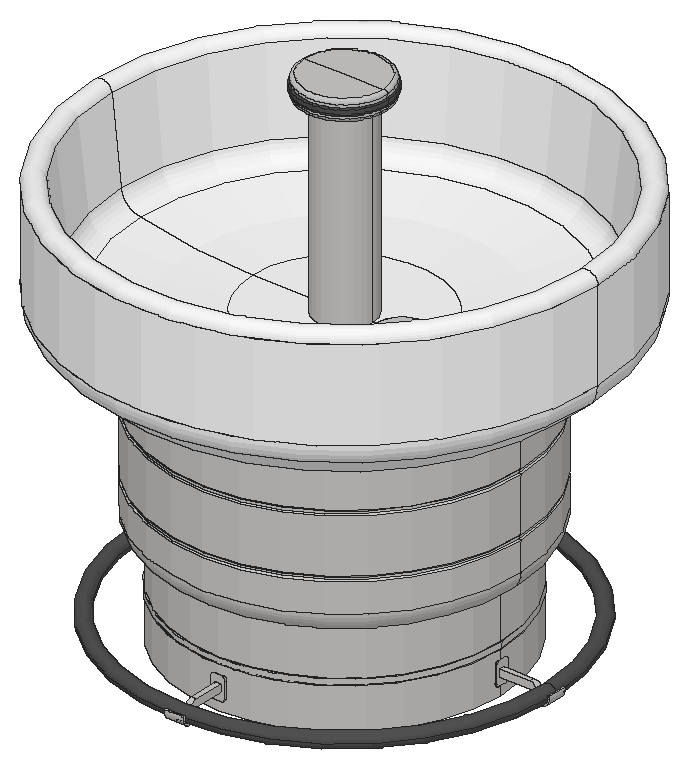
Revit family "Washfountain_Lavatory-Bradley_Corp-WF2605-Type_O_Drain", category Plumbing Fixtures, Revit 2012 (continued)
Automatic sketch dimensions
  Masking region 28 sketch curve to plane 3 "Center (Left/Right)" = 3.52868"
  Masking region 28 sketch curve to plane 3 "Center (Left/Right)" = 5.500"
  Masking region 28 sketch curve to Masking region 28 sketch curve = 0.11186"  (x2)
  Masking region 28 sketch curve to Masking region 28 sketch curve = 4.000"
  curve 169 to plane 1 "Center (Front/Back)" = 2.26314"
  plane 3 "Center (Left/Right)" to curve 169 = 7.08013"
  curve 169 to curve 166 = 1.51554"
  curve 166 to curve 165 = 0.06458"
  curve 167 to curve 165 = 0.000"
  plane 3 "Center (Left/Right)" to curve 169 = 1.58013"
  plane 3 "Center (Left/Right)" to curve 166 = 0.06458"
  curve 164 to plane 3 "Center (Left/Right)" = 0.06458"
  curve 168 to plane 3 "Center (Left/Right)" = 1.58013"
  curve 167 to plane 3 "Center (Left/Right)" = 5.500"
  curve 165 to curve 167 = 0.000"
  curve 165 to curve 164 = 0.06458"
  curve 168 to plane 1 "Center (Front/Back)" = 2.26314"
  curve 164 to curve 168 = 1.51554"
  curve 164 to curve 168 = 0.875"  (x2)
  curve 166 to curve 169 = 0.875"  (x2)
  curve 165 to curve 164 = 0.11186"
  curve 167 to curve 165 = 1.750"
  plane 1 "Center (Front/Back)" to curve 166 = 6.38814"
  curve 164 to curve 166 = 0.000"
  Masking region 29 sketch curve to plane 1 "Center (Front/Back)" = 0.000"
  Masking region 29 sketch curve to plane 3 "Center (Left/Right)" = 0.000"
  curve 170 to plane 1 "Center (Front/Back)" = 0.000"
  curve 170 to plane 3 "Center (Left/Right)" = 0.000"
  Masking region 30 sketch curve to plane 1 "Center (Front/Back)" = 0.000"
  Masking region 30 sketch curve to plane 3 "Center (Left/Right)" = 0.000"
  Masking region 31 sketch curve to plane 1 "Center (Front/Back)" = 0.000"
  Masking region 31 sketch curve to plane 3 "Center (Left/Right)" = 0.000"
  Masking region 32 sketch curve to curve 14 = 0.000"
  curve 14 to Masking region 32 sketch curve = 6.47131"
  Masking region 32 sketch curve to Masking region 32 sketch curve = 1.40286"  (x2)
  Masking region 32 sketch curve to Masking region 32 sketch curve = 22.25166"
  Masking region 32 sketch curve to curve 14 = 9.60015"
  curve 14 to Masking region 32 sketch curve = 9.60015"
  Masking region 32 sketch curve to Masking region 32 sketch curve = 5.39985"
  Revolve 17 sketch curve to curve 14 = 0.000"
  Revolve 17 sketch curve to Revolve 17 sketch curve = 0.000"
  curve 14 to Revolve 17 sketch curve = 7.87417"
  Revolve 17 sketch curve to Revolve 17 sketch curve = 1.40286"
  Revolve 17 sketch curve to curve 14 = 12.22916"
  Revolve 17 sketch curve to Revolve 17 sketch curve = 6.77084"
  Revolve 17 sketch curve to Revolve 17 sketch curve = 3.52552"
  Revolve 17 sketch curve to Revolve 17 sketch curve = 2.47448"
  Masking region 33 sketch curve to curve 14 = 0.000"
  curve 14 to Masking region 33 sketch curve = 6.47131"
  Masking region 33 sketch curve to Masking region 33 sketch curve = 1.40286"  (x2)
  Masking region 33 sketch curve to Masking region 33 sketch curve = 22.25166"
  Masking region 33 sketch curve to curve 14 = 12.22916"
  Masking region 33 sketch curve to Masking region 33 sketch curve = 6.77084"
  Extrusion 18 sketch curve to plane 1 "Center (Front/Back)" = 0.000"
  Extrusion 18 sketch curve to plane 3 "Center (Left/Right)" = 0.000"
  plane 3 "Center (Left/Right)" to Extrusion 18 sketch curve = 0.06458"
  plane 3 "Center (Left/Right)" to Extrusion 18 sketch curve = 5.500"
  Extrusion 18 sketch curve to Extrusion 18 sketch curve = 0.06458"  (x2)
  Extrusion 18 sketch curve to plane 3 "Center (Left/Right)" = 0.06458"
  Extrusion 18 sketch curve to plane 3 "Center (Left/Right)" = 5.500"
  Extrusion 18 sketch curve to plane 1 "Center (Front/Back)" = 3.13814"  (x2)
  Extrusion 18 sketch curve to Extrusion 18 sketch curve = 0.11186"
  plane 1 "Center (Front/Back)" to Extrusion 18 sketch curve = 6.38814"
  Extrusion 19 sketch curve to Extrusion 19 sketch curve = 0.000"  (x2)
  Extrusion 19 sketch curve to plane 1 "Center (Front/Back)" = 0.000"
  Extrusion 19 sketch curve to plane 3 "Center (Left/Right)" = 0.000"
  plane 3 "Center (Left/Right)" to Extrusion 19 sketch curve = 0.06458"
  Extrusion 19 sketch curve to Extrusion 19 sketch curve = 2.000"
  Extrusion 19 sketch curve to Extrusion 19 sketch curve = 3.500"  (x2)
  Extrusion 19 sketch curve to Extrusion 19 sketch curve = 0.06458"  (x2)
  Extrusion 19 sketch curve to plane 3 "Center (Left/Right)" = 0.06458"
  Extrusion 19 sketch curve to plane 1 "Center (Front/Back)" = 3.13814"  (x2)
  Extrusion 19 sketch curve to Extrusion 19 sketch curve = 0.11186"
  plane 1 "Center (Front/Back)" to Extrusion 19 sketch curve = 6.38814"
  Sweep 20 sketch curve to profile plane = 0.000"
  profile plane to Sweep 20 sketch curve = 1.425"
  Extrusion 21 sketch curve to Extrusion 21 sketch curve = 0.000"  (x5)
  level to Extrusion 21 sketch curve = 1.57982"
  plane 11 to Extrusion 21 sketch curve = 2.90732"
  Extrusion 21 sketch curve to Extrusion 21 sketch curve = 0.04831"
  Extrusion 21 sketch curve to Extrusion 21 sketch curve = 0.48307"
  Extrusion 21 sketch curve to Extrusion 21 sketch curve = 0.48846"
  Extrusion 21 sketch curve to Extrusion 21 sketch curve = 0.04885"
  Extrusion 21 sketch curve to Extrusion 21 sketch curve = 0.0129"
  Extrusion 22 sketch curve to Extrusion 22 sketch curve = 0.000"  (x3)
  level to Extrusion 22 sketch curve = 0.825"
  plane 11 to Extrusion 22 sketch curve = 3.487"
  Extrusion 22 sketch curve to Extrusion 22 sketch curve = 0.19771"
  Extrusion 22 sketch curve to Extrusion 22 sketch curve = 0.600"
  Extrusion 22 sketch curve to Extrusion 22 sketch curve = 0.45214"
  Extrusion 22 sketch curve to Extrusion 22 sketch curve = 0.14125"
  Extrusion 22 sketch curve to Extrusion 22 sketch curve = 2.19378"
  Extrusion 22 sketch curve to Extrusion 22 sketch curve = 0.34334"
  plane 1 "Center (Front/Back)" to Extrusion 23 sketch curve = 0.49684"
  plane 1 "Center (Front/Back)" to Extrusion 23 sketch curve = 0.24684"  (x2)
  plane 1 "Center (Front/Back)" to Extrusion 23 sketch curve = 0.2403"
  Extrusion 23 sketch curve to plane 1 "Center (Front/Back)" = 0.2403"
  Extrusion 23 sketch curve to plane 1 "Center (Front/Back)" = 0.25316"  (x2)
  Extrusion 23 sketch curve to Extrusion 23 sketch curve = 0.250"
  level to Extrusion 23 sketch curve = 0.71062"
  Extrusion 23 sketch curve to Extrusion 23 sketch curve = 0.2684"  (x2)
  Extrusion 23 sketch curve to Extrusion 23 sketch curve = 0.5882"
  Extrusion 24 sketch curve to Extrusion 24 sketch curve = 0.000"  (x5)
  level to Extrusion 24 sketch curve = 1.57982"
  Extrusion 24 sketch curve to plane 14 = 2.90732"
  Extrusion 24 sketch curve to Extrusion 24 sketch curve = 0.04831"
  Extrusion 24 sketch curve to Extrusion 24 sketch curve = 0.48307"
  Extrusion 24 sketch curve to Extrusion 24 sketch curve = 0.48846"
  Extrusion 24 sketch curve to Extrusion 24 sketch curve = 0.04885"
  Extrusion 24 sketch curve to Extrusion 24 sketch curve = 0.0129"
  Extrusion 25 sketch curve to Extrusion 25 sketch curve = 0.000"  (x3)
  level to Extrusion 25 sketch curve = 0.825"
  Extrusion 25 sketch curve to plane 14 = 3.487"
  Extrusion 25 sketch curve to Extrusion 25 sketch curve = 0.19771"
  Extrusion 25 sketch curve to Extrusion 25 sketch curve = 0.600"
  Extrusion 25 sketch curve to Extrusion 25 sketch curve = 0.45214"
  Extrusion 25 sketch curve to Extrusion 25 sketch curve = 0.14125"
  Extrusion 25 sketch curve to Extrusion 25 sketch curve = 2.19378"
  Extrusion 25 sketch curve to Extrusion 25 sketch curve = 0.34334"
  plane 3 "Center (Left/Right)" to Extrusion 26 sketch curve = 0.50316"
  plane 3 "Center (Left/Right)" to Extrusion 26 sketch curve = 0.25316"  (x2)
  plane 3 "Center (Left/Right)" to Extrusion 26 sketch curve = 0.2403"
  Extrusion 26 sketch curve to plane 3 "Center (Left/Right)" = 0.2403"
  Extrusion 26 sketch curve to plane 3 "Center (Left/Right)" = 0.24684"  (x2)
  Extrusion 26 sketch curve to Extrusion 26 sketch curve = 0.250"
  level to Extrusion 26 sketch curve = 0.71062"
  Extrusion 26 sketch curve to Extrusion 26 sketch curve = 0.2684"  (x2)
  Extrusion 26 sketch curve to Extrusion 26 sketch curve = 0.5882"
  Extrusion 27 sketch curve to Extrusion 27 sketch curve = 0.000"  (x5)
  level to Extrusion 27 sketch curve = 1.57982"
  Extrusion 27 sketch curve to plane 12 = 2.90732"
  Extrusion 27 sketch curve to Extrusion 27 sketch curve = 0.04831"
  Extrusion 27 sketch curve to Extrusion 27 sketch curve = 0.48307"
  Extrusion 27 sketch curve to Extrusion 27 sketch curve = 0.48846"
  Extrusion 27 sketch curve to Extrusion 27 sketch curve = 0.04885"
  Extrusion 27 sketch curve to Extrusion 27 sketch curve = 0.0129"
  Extrusion 28 sketch curve to Extrusion 28 sketch curve = 0.000"  (x3)
  level to Extrusion 28 sketch curve = 0.825"
  Extrusion 28 sketch curve to plane 12 = 3.487"
  Extrusion 28 sketch curve to Extrusion 28 sketch curve = 0.19771"
  Extrusion 28 sketch curve to Extrusion 28 sketch curve = 0.600"
  Extrusion 28 sketch curve to Extrusion 28 sketch curve = 0.45214"
  Extrusion 28 sketch curve to Extrusion 28 sketch curve = 0.14125"
  Extrusion 28 sketch curve to Extrusion 28 sketch curve = 2.19378"
  Extrusion 28 sketch curve to Extrusion 28 sketch curve = 0.34334"
  plane 1 "Center (Front/Back)" to Extrusion 29 sketch curve = 0.50316"
  plane 1 "Center (Front/Back)" to Extrusion 29 sketch curve = 0.25316"  (x2)
  plane 1 "Center (Front/Back)" to Extrusion 29 sketch curve = 0.2403"
  Extrusion 29 sketch curve to plane 1 "Center (Front/Back)" = 0.2403"
  Extrusion 29 sketch curve to plane 1 "Center (Front/Back)" = 0.24684"  (x2)
  Extrusion 29 sketch curve to Extrusion 29 sketch curve = 0.250"
  level to Extrusion 29 sketch curve = 0.71062"
  Extrusion 29 sketch curve to Extrusion 29 sketch curve = 0.2684"  (x2)
  Extrusion 29 sketch curve to Extrusion 29 sketch curve = 0.5882"
  Extrusion 30 sketch curve to Extrusion 30 sketch curve = 0.000"  (x5)
  level to Extrusion 30 sketch curve = 1.57982"
  plane 13 to Extrusion 30 sketch curve = 2.90732"
  Extrusion 30 sketch curve to Extrusion 30 sketch curve = 0.04831"
  Extrusion 30 sketch curve to Extrusion 30 sketch curve = 0.48307"
  Extrusion 30 sketch curve to Extrusion 30 sketch curve = 0.48846"
  Extrusion 30 sketch curve to Extrusion 30 sketch curve = 0.04885"
  Extrusion 30 sketch curve to Extrusion 30 sketch curve = 0.0129"
  Extrusion 31 sketch curve to Extrusion 31 sketch curve = 0.000"  (x3)
  level to Extrusion 31 sketch curve = 0.825"
  plane 13 to Extrusion 31 sketch curve = 3.487"
  Extrusion 31 sketch curve to Extrusion 31 sketch curve = 0.19771"
  Extrusion 31 sketch curve to Extrusion 31 sketch curve = 0.600"
  Extrusion 31 sketch curve to Extrusion 31 sketch curve = 0.45214"
  Extrusion 31 sketch curve to Extrusion 31 sketch curve = 0.14125"
  Extrusion 31 sketch curve to Extrusion 31 sketch curve = 2.19378"
  Extrusion 31 sketch curve to Extrusion 31 sketch curve = 0.34334"
  Extrusion 32 sketch curve to plane 3 "Center (Left/Right)" = 0.50316"
  Extrusion 32 sketch curve to plane 3 "Center (Left/Right)" = 0.25316"  (x2)
  Extrusion 32 sketch curve to plane 3 "Center (Left/Right)" = 0.2403"
  plane 3 "Center (Left/Right)" to Extrusion 32 sketch curve = 0.2403"
  plane 3 "Center (Left/Right)" to Extrusion 32 sketch curve = 0.24684"  (x2)
  Extrusion 32 sketch curve to Extrusion 32 sketch curve = 0.250"
  level to Extrusion 32 sketch curve = 0.71062"
  Extrusion 32 sketch curve to Extrusion 32 sketch curve = 0.2684"  (x2)
  Extrusion 32 sketch curve to Extrusion 32 sketch curve = 0.5882"
  Masking region 34 sketch curve to Masking region 34 sketch curve = 0.000"  (x8)
  level to Masking region 34 sketch curve = 1.57982"
  plane 11 to Masking region 34 sketch curve = 2.90732"
  Masking region 34 sketch curve to Masking region 34 sketch curve = 0.04831"  (x2)
  Masking region 34 sketch curve to Masking region 34 sketch curve = 0.48307"  (x2)
  Masking region 34 sketch curve to Masking region 34 sketch curve = 0.19771"  (x2)
  Masking region 34 sketch curve to Masking region 34 sketch curve = 0.69778"
  Masking region 34 sketch curve to plane 3 "Center (Left/Right)" = 0.67078"
  Masking region 34 sketch curve to plane 3 "Center (Left/Right)" = 0.50316"
  Masking region 34 sketch curve to Masking region 34 sketch curve = 0.2076"  (x2)
  Masking region 34 sketch curve to plane 3 "Center (Left/Right)" = 0.25316"
  Masking region 34 sketch curve to Masking region 34 sketch curve = 0.21002"  (x2)
  plane 3 "Center (Left/Right)" to Masking region 34 sketch curve = 0.25316"  (x2)
  Masking region 34 sketch curve to Masking region 34 sketch curve = 0.250"
  level to Masking region 34 sketch curve = 0.925"
  Masking region 34 sketch curve to plane 12 = 4.18478"
  Masking region 34 sketch curve to Masking region 34 sketch curve = 0.50007"
  level to Masking region 34 sketch curve = 0.825"  (x2)
  Masking region 34 sketch curve to Masking region 34 sketch curve = 0.100"  (x3)
  Masking region 34 sketch curve to Masking region 34 sketch curve = 0.11438"
  Masking region 34 sketch curve to Masking region 34 sketch curve = 0.5049"
  Masking region 34 sketch curve to Masking region 34 sketch curve = 0.16062"
  plane 1 "Center (Front/Back)" to Extrusion 33 sketch curve = 0.50316"
  plane 1 "Center (Front/Back)" to Extrusion 33 sketch curve = 0.25316"  (x2)
  plane 1 "Center (Front/Back)" to Extrusion 33 sketch curve = 0.2403"
  Extrusion 33 sketch curve to plane 1 "Center (Front/Back)" = 0.2403"
  Extrusion 33 sketch curve to plane 1 "Center (Front/Back)" = 0.24684"  (x2)
  Extrusion 33 sketch curve to Extrusion 33 sketch curve = 0.250"
  level to Extrusion 33 sketch curve = 0.71062"
  Extrusion 33 sketch curve to Extrusion 33 sketch curve = 0.2684"  (x2)
  Extrusion 33 sketch curve to Extrusion 33 sketch curve = 0.5882"
  level to Masking region 35 sketch curve = 1.925"
  plane 11 to Masking region 35 sketch curve = 3.487"
  Masking region 35 sketch curve to plane 12 = 3.487"
  Masking region 35 sketch curve to Masking region 35 sketch curve = 0.500"
  Masking region 36 sketch curve to Masking region 36 sketch curve = 0.000"  (x8)
  level to Masking region 36 sketch curve = 1.57982"
  plane 13 to Masking region 36 sketch curve = 2.90732"
  Masking region 36 sketch curve to Masking region 36 sketch curve = 0.04831"  (x2)
  Masking region 36 sketch curve to Masking region 36 sketch curve = 0.48307"  (x2)
  Masking region 36 sketch curve to Masking region 36 sketch curve = 0.19771"  (x2)
  Masking region 36 sketch curve to Masking region 36 sketch curve = 0.69778"
  plane 1 "Center (Front/Back)" to Masking region 36 sketch curve = 0.67078"
  plane 1 "Center (Front/Back)" to Masking region 36 sketch curve = 0.50316"
  Masking region 36 sketch curve to Masking region 36 sketch curve = 0.2076"  (x2)
  Masking region 36 sketch curve to Masking region 36 sketch curve = 0.21002"  (x2)
  Masking region 36 sketch curve to Masking region 36 sketch curve = 0.250"  (x2)
  Masking region 36 sketch curve to plane 1 "Center (Front/Back)" = 0.25316"  (x2)
  level to Masking region 36 sketch curve = 0.925"  (x2)
  Masking region 36 sketch curve to plane 14 = 4.18478"
  Masking region 36 sketch curve to Masking region 36 sketch curve = 0.50007"
  Masking region 36 sketch curve to Masking region 36 sketch curve = 0.100"  (x4)
  Masking region 36 sketch curve to Masking region 36 sketch curve = 0.11438"
  Masking region 36 sketch curve to Masking region 36 sketch curve = 0.5049"
  Masking region 36 sketch curve to Masking region 36 sketch curve = 0.16062"
  plane 13 to Masking region 37 sketch curve = 3.487"
  level to Masking region 37 sketch curve = 1.925"
  Masking region 37 sketch curve to plane 14 = 3.487"
  Masking region 37 sketch curve to Masking region 37 sketch curve = 0.500"
  curve 52 to curve 45 = 0.000"
  curve 48 to curve 45 = 0.000"
  curve 49 to curve 52 = 0.000"
  curve 49 to curve 50 = 0.08719"  (x2)
  curve 48 to curve 55 = 0.08719"
  curve 51 to curve 50 = 0.000"
  curve 47 to curve 55 = 0.000"
  curve 46 to curve 55 = 0.000"
  curve 54 to curve 50 = 0.000"  (x2)
  curve 53 to curve 51 = 1.31567"
  curve 50 to curve 51 = 0.000"
  curve 46 to curve 50 = 0.000"
  curve 47 to curve 46 = 0.000"
  curve 55 to curve 47 = 0.000"
  curve 50 to curve 49 = 0.08719"
  curve 46 to curve 45 = 0.08719"
  curve 47 to curve 48 = 0.08719"  (x2)
  curve 51 to curve 52 = 0.08719"  (x2)
  curve 45 to curve 46 = 0.08719"
  curve 46 to curve 55 = 0.06165"
  curve 55 to curve 47 = 0.06165"
  curve 48 to curve 49 = 3.00695"
  curve 50 to curve 54 = 0.06165"
  curve 54 to curve 51 = 0.06165"
  curve 52 to curve 53 = 2.79334"
  curve 14 to Revolve 1 sketch curve = 0.00013"
  Revolve 1 sketch curve to Revolve 1 sketch curve = 0.000"  (x2)
  curve 14 to Revolve 1 sketch curve = 7.87417"
  Revolve 1 sketch curve to Revolve 1 sketch curve = 0.03572"
  Revolve 1 sketch curve to Revolve 1 sketch curve = 1.31567"  (x2)
  Revolve 1 sketch curve to Revolve 1 sketch curve = 0.08719"  (x6)
  Revolve 1 sketch curve to Revolve 1 sketch curve = 1.40286"
  curve 14 to Revolve 1 sketch curve = 3.20448"
  Revolve 1 sketch curve to Revolve 1 sketch curve = 0.12331"  (x2)
  Revolve 1 sketch curve to Revolve 1 sketch curve = 3.00695"
  Revolve 1 sketch curve to Revolve 1 sketch curve = 1.39048"
  Revolve 1 sketch curve to Revolve 1 sketch curve = 1.94685"
  Revolve 1 sketch curve to Revolve 1 sketch curve = 0.04651"
  Revolve 1 sketch curve to Revolve 1 sketch curve = 0.40685"
  Revolve 1 sketch curve to Revolve 1 sketch curve = 0.04664"
  Revolve 1 sketch curve to Revolve 1 sketch curve = 2.953"
  Revolve 1 sketch curve to Revolve 1 sketch curve = 3.047"
  Revolve 1 sketch curve to curve 14 = 7.453"
  curve 11 to curve 12 = 1.40286"
  curve 12 to curve 13 = 0.000"
  Extrusion 7 sketch curve to plane 4 "Towel Dispenser" = 0.000"
  Extrusion 7 sketch curve to Extrusion 7 sketch curve = 2.250"
  Extrusion 7 sketch curve to Extrusion 7 sketch curve = 1.750"
  Extrusion 8 sketch curve to plane 4 "Towel Dispenser" = 0.000"
  Extrusion 8 sketch curve to Extrusion 8 sketch curve = 2.250"
  Extrusion 8 sketch curve to Extrusion 8 sketch curve = 1.750"
  Extrusion 9 sketch curve to plane 4 "Towel Dispenser" = 0.000"
  Extrusion 9 sketch curve to Extrusion 9 sketch curve = 2.250"
  Extrusion 9 sketch curve to Extrusion 9 sketch curve = 1.750"
  Masking region 13 sketch curve to curve 68 = 0.00086"
  Masking region 13 sketch curve to curve 68 = 6.20573"
  Masking region 13 sketch curve to curve 68 = 5.80997"
  curve 68 to Masking region 13 sketch curve = 0.80997"
  curve 68 to Masking region 13 sketch curve = 1.20573"
  curve 68 to Masking region 14 sketch curve = 0.37529"  (x2)
  Masking region 14 sketch curve to curve 68 = 6.13969"
  Masking region 14 sketch curve to Masking region 14 sketch curve = 0.12563"  (x2)
  Masking region 14 sketch curve to Masking region 14 sketch curve = 0.03107"  (x2)
  Masking region 14 sketch curve to Masking region 14 sketch curve = 0.05262"  (x4)
  Masking region 14 sketch curve to Masking region 14 sketch curve = 0.06777"  (x2)
  Masking region 14 sketch curve to curve 68 = 0.00086"
  Masking region 14 sketch curve to Masking region 14 sketch curve = 1.99988"
  Masking region 14 sketch curve to Masking region 14 sketch curve = 2.04174"
  Masking region 14 sketch curve to curve 68 = 1.23176"
  Masking region 14 sketch curve to curve 68 = 0.86019"
  curve 68 to Masking region 14 sketch curve = 0.80997"
  Masking region 14 sketch curve to Masking region 14 sketch curve = 0.60765"  (x2)
  Masking region 14 sketch curve to Masking region 14 sketch curve = 1.250"  (x3)
  Masking region 14 sketch curve to curve 68 = 4.14235"
  Masking region 14 sketch curve to curve 68 = 2.89235"
  Masking region 14 sketch curve to curve 68 = 1.64235"
  Masking region 14 sketch curve to Masking region 14 sketch curve = 0.62518"  (x2)
  Masking region 15 sketch curve to plane 7 "Rim Height" = 0.000"
  Masking region 15 sketch curve to plane 6 "Spray Head" = 0.44548"  (x2)
  Masking region 15 sketch curve to plane 3 "Center (Left/Right)" = 3.12875"
  Masking region 15 sketch curve to Masking region 15 sketch curve = 0.34375"  (x3)
  Masking region 15 sketch curve to plane 6 "Spray Head" = 0.00048"  (x2)
  Masking region 15 sketch curve to Masking region 15 sketch curve = 0.785"  (x3)
  plane 3 "Center (Left/Right)" to Masking region 15 sketch curve = 2.000"
  Masking region 15 sketch curve to plane 6 "Spray Head" = 1.39048"
  Masking region 15 sketch curve to Masking region 15 sketch curve = 0.945"
  Masking region 15 sketch curve to Masking region 15 sketch curve = 0.445"
  Masking region 15 sketch curve to Masking region 15 sketch curve = 0.500"
  curve 83 to Masking region 16 sketch curve = 0.94548"
  Masking region 16 sketch curve to curve 83 = 3.12875"
  Masking region 16 sketch curve to Masking region 16 sketch curve = 0.34375"  (x3)
  curve 83 to Masking region 16 sketch curve = 0.00048"
  Masking region 16 sketch curve to Masking region 16 sketch curve = 0.785"  (x2)
  curve 83 to Masking region 16 sketch curve = 2.000"
  Masking region 16 sketch curve to curve 83 = 1.215"
  Masking region 16 sketch curve to curve 83 = 0.94548"
  Masking region 16 sketch curve to Masking region 16 sketch curve = 0.445"  (x2)
  Masking region 16 sketch curve to curve 83 = 6.375"
  curve 83 to Masking region 16 sketch curve = 0.44548"  (x2)
  curve 83 to Masking region 17 sketch curve = 0.85173"
  Masking region 17 sketch curve to curve 83 = 3.12875"
  curve 83 to Masking region 17 sketch curve = 0.25048"
  Masking region 17 sketch curve to Masking region 17 sketch curve = 0.09375"  (x3)
  curve 83 to Masking region 17 sketch curve = 0.00048"
  Masking region 17 sketch curve to Masking region 17 sketch curve = 0.250"  (x3)
  Masking region 17 sketch curve to Masking region 17 sketch curve = 0.785"  (x2)
  curve 83 to Masking region 17 sketch curve = 2.000"
  Masking region 17 sketch curve to Masking region 17 sketch curve = 0.000"
  Masking region 17 sketch curve to Masking region 17 sketch curve = 0.695"
  Masking region 17 sketch curve to Masking region 17 sketch curve = 0.195"  (x2)
  Masking region 17 sketch curve to curve 83 = 6.375"
  Masking region 17 sketch curve to Masking region 17 sketch curve = 0.28875"  (x2)
  curve 83 to curve 89 = 0.94548"
  curve 89 to curve 83 = 3.12875"
  curve 84 to curve 89 = 0.000"
  curve 89 to curve 88 = 0.09375"
  curve 84 to curve 85 = 0.09375"
  curve 88 to curve 90 = 1.035"
  curve 83 to curve 90 = 2.000"
  curve 87 to curve 83 = 0.965"
  curve 85 to curve 87 = 0.000"
  curve 85 to curve 86 = 0.09375"
  curve 87 to curve 87 = 0.09375"
  curve 90 to curve 87 = 0.445"
  curve 83 to curve 86 = 0.44548"
  curve 110 to Extrusion 9 = 0.000"  (x3)
  Extrusion 9 to curve 111 = 2.60156"
  curve 111 to curve 111 = 1.000"
  Extrusion 9 to curve 111 = 1.95703"
  curve 112 to Extrusion 7 = 0.000"  (x3)
  Extrusion 7 to curve 113 = 2.60156"
  curve 113 to curve 113 = 1.000"
  Extrusion 7 to curve 113 = 1.95703"
  curve 114 to Extrusion 8 = 0.000"  (x3)
  Extrusion 8 to curve 115 = 2.60156"
  curve 115 to curve 115 = 1.000"
  Extrusion 8 to curve 115 = 1.95703"
  Split face 1 sketch curve to Extrusion 8 = 0.56844"
  Split face 1 sketch curve to Split face 1 sketch curve = 0.750"
  Split face 1 sketch curve to Extrusion 8 = 1.500"  (x2)
  Split face 2 sketch curve to Extrusion 9 = 0.56844"
  Split face 2 sketch curve to Split face 2 sketch curve = 0.750"
  Split face 2 sketch curve to Extrusion 9 = 1.500"  (x2)
  Split face 3 sketch curve to Extrusion 7 = 0.56844"
  Split face 3 sketch curve to Split face 3 sketch curve = 0.750"
  Split face 3 sketch curve to Extrusion 7 = 1.500"  (x2)
  Revolve 14 sketch curve to curve 157 = 0.000"
  Revolve 14 sketch curve to curve 157 = 0.500"
  Revolve 14 sketch curve to curve 157 = 0.60282"
  Revolve 14 sketch curve to Revolve 14 sketch curve = 1.64632"
  Revolve 14 sketch curve to Revolve 14 sketch curve = 0.17678"
  Revolve 14 sketch curve to Revolve 14 sketch curve = 0.000"  (x4)
  Revolve 14 sketch curve to Revolve 14 sketch curve = 0.60355"
  Revolve 14 sketch curve to Revolve 14 sketch curve = 0.176"
  curve 157 to Revolve 14 sketch curve = 0.34072"
  Revolve 14 sketch curve to Revolve 14 sketch curve = 0.1905"
  Revolve 14 sketch curve to Revolve 14 sketch curve = 0.01575"
  Revolve 14 sketch curve to Revolve 14 sketch curve = 0.074"
  Revolve 14 sketch curve to Revolve 14 sketch curve = 0.0755"
  Revolve 14 sketch curve to curve 157 = 1.28252"
  Revolve 14 sketch curve to Revolve 14 sketch curve = 1.13852"
  Revolve 14 sketch curve to curve 157 = 39.99275"
  Revolve 14 sketch curve to Revolve 14 sketch curve = 0.07322"
  Revolve 14 sketch curve to Revolve 14 sketch curve = 0.60277"
  Revolve 14 sketch curve to Revolve 14 sketch curve = 0.22469"
  Revolve 14 sketch curve to Revolve 14 sketch curve = 1.36148"
  Masking region 21 sketch curve to curve 157 = 0.000"
  curve 157 to Masking region 21 sketch curve = 0.56541"
  Masking region 21 sketch curve to curve 157 = 3.07537"
  Masking region 21 sketch curve to Masking region 21 sketch curve = 0.0755"
  Masking region 21 sketch curve to Masking region 21 sketch curve = 0.11925"
  Masking region 21 sketch curve to Masking region 21 sketch curve = 0.000"  (x7)
  Masking region 21 sketch curve to Masking region 21 sketch curve = 0.01575"  (x2)
  Masking region 21 sketch curve to Masking region 21 sketch curve = 0.074"
  Masking region 21 sketch curve to Masking region 21 sketch curve = 0.250"
  Masking region 21 sketch curve to Masking region 21 sketch curve = 0.60277"  (x3)
  Masking region 21 sketch curve to Masking region 21 sketch curve = 0.17678"  (x2)
  Masking region 21 sketch curve to curve 157 = 0.60282"
  Masking region 21 sketch curve to curve 157 = 0.500"
  curve 157 to Masking region 21 sketch curve = 1.28252"
  Masking region 21 sketch curve to Masking region 21 sketch curve = 0.43497"
  curve 157 to Masking region 21 sketch curve = 0.500"
  curve 157 to Masking region 21 sketch curve = 0.60282"
  Masking region 21 sketch curve to Masking region 21 sketch curve = 1.64632"
  Masking region 21 sketch curve to Masking region 21 sketch curve = 0.60355"
  Masking region 21 sketch curve to Masking region 21 sketch curve = 0.176"
  curve 157 to Masking region 21 sketch curve = 0.34072"
  Masking region 21 sketch curve to Masking region 21 sketch curve = 0.1905"
  Masking region 21 sketch curve to Masking region 21 sketch curve = 0.0595"
  Masking region 21 sketch curve to Masking region 21 sketch curve = 0.135"
  Masking region 21 sketch curve to curve 157 = 39.99275"
  Masking region 21 sketch curve to Masking region 21 sketch curve = 0.07322"  (x2)
  Masking region 21 sketch curve to Masking region 21 sketch curve = 0.22469"
  Masking region 21 sketch curve to Masking region 21 sketch curve = 0.13441"
  Revolve 15 sketch curve to curve 157 = 0.000"
  Revolve 15 sketch curve to curve 157 = 0.500"
  Revolve 15 sketch curve to Revolve 15 sketch curve = 1.74987"
  Revolve 15 sketch curve to Revolve 15 sketch curve = 0.8255"  (x2)
  Revolve 15 sketch curve to Revolve 15 sketch curve = 0.000"
  Revolve 15 sketch curve to Revolve 15 sketch curve = 1.22135"
  curve 157 to Revolve 15 sketch curve = 1.52865"
  Masking region 22 sketch curve to curve 157 = 0.000"
  Masking region 22 sketch curve to curve 157 = 3.07537"
  Masking region 22 sketch curve to Masking region 22 sketch curve = 0.8255"  (x4)
  Masking region 22 sketch curve to curve 157 = 0.500"
  curve 157 to Masking region 22 sketch curve = 0.500"
  Masking region 22 sketch curve to Masking region 22 sketch curve = 1.74987"
  curve 157 to Masking region 25 sketch curve = 3.500"
  Masking region 25 sketch curve to curve 157 = 0.500"
  curve 157 to Masking region 25 sketch curve = 0.500"
  Masking region 26 sketch curve to curve 68 = 2.000"
  curve 68 to Masking region 26 sketch curve = 2.000"
  Masking region 26 sketch curve to curve 68 = 8.500"
  curve 161 to curve 157 = 3.07537"
  curve 157 to curve 160 = 0.56541"
  curve 161 to curve 160 = 0.0755"
  curve 162 to curve 157 = 0.500"
  curve 157 to curve 162 = 0.500"
  curve 157 to curve 160 = 2.99987"
  curve 160 to curve 161 = 0.0755"
  curve 161 to curve 160 = 1.44948"
  curve 162 to curve 157 = 2.84038"
  Masking region 12 sketch curve to curve 14 = 0.000"
  curve 14 to Masking region 12 sketch curve = 3.20436"
  curve 14 to Masking region 12 sketch curve = 6.47131"
  Masking region 12 sketch curve to Masking region 12 sketch curve = 0.000"  (x3)
  Masking region 12 sketch curve to Masking region 12 sketch curve = 0.08719"  (x12)
  Masking region 12 sketch curve to Masking region 12 sketch curve = 1.36714"
  Masking region 12 sketch curve to Masking region 12 sketch curve = 0.03572"  (x3)
  Masking region 12 sketch curve to Masking region 12 sketch curve = 22.25166"
  curve 14 to Masking region 12 sketch curve = 11.547"
  curve 14 to Masking region 12 sketch curve = 12.00036"
  curve 14 to Masking region 12 sketch curve = 11.59351"
  Masking region 12 sketch curve to Masking region 12 sketch curve = 1.31567"  (x2)
  curve 14 to Masking region 12 sketch curve = 6.71949"
  curve 14 to Masking region 12 sketch curve = 6.80668"
  Masking region 12 sketch curve to curve 14 = 12.00036"
  Masking region 12 sketch curve to Masking region 12 sketch curve = 0.04664"  (x2)
  Masking region 12 sketch curve to Masking region 12 sketch curve = 2.953"
  Masking region 12 sketch curve to Masking region 12 sketch curve = 0.40685"
  Masking region 12 sketch curve to Masking region 12 sketch curve = 0.04347"
  Masking region 12 sketch curve to Masking region 12 sketch curve = 0.00305"
  Masking region 12 sketch curve to Masking region 12 sketch curve = 1.94697"  (x2)
  Masking region 12 sketch curve to Masking region 12 sketch curve = 1.39048"
  Masking region 12 sketch curve to Masking region 12 sketch curve = 0.12331"  (x3)
  Masking region 12 sketch curve to Masking region 12 sketch curve = 0.29769"
  Masking region 12 sketch curve to Masking region 12 sketch curve = 3.00695"
  plane 3 "Center (Left/Right)" to curve 13 = 0.48842"
  Masking region 7 sketch curve to Masking region 7 sketch curve = 0.000"  (x3)
  Masking region 7 sketch curve to Masking region 7 sketch curve = 0.08719"  (x13)
  Masking region 7 sketch curve to Masking region 7 sketch curve = 1.36714"
  Masking region 7 sketch curve to Masking region 7 sketch curve = 0.0357"
  Masking region 7 sketch curve to Masking region 7 sketch curve = 0.03572"  (x2)
  Masking region 7 sketch curve to Masking region 7 sketch curve = 0.00003"
  Masking region 7 sketch curve to Masking region 7 sketch curve = 1.31567"
  Masking region 7 sketch curve to Masking region 7 sketch curve = 3.40748"  (x2)
  Masking region 7 sketch curve to Masking region 7 sketch curve = 0.12331"  (x4)
  Masking region 7 sketch curve to Masking region 7 sketch curve = 3.00695"  (x2)
  Masking region 7 sketch curve to Masking region 7 sketch curve = 1.39048"  (x2)
  Masking region 7 sketch curve to Masking region 7 sketch curve = 1.94672"  (x2)
  Masking region 7 sketch curve to Masking region 7 sketch curve = 0.04651"  (x4)
  Masking region 7 sketch curve to Masking region 7 sketch curve = 0.40697"  (x2)
  Masking region 7 sketch curve to Masking region 7 sketch curve = 2.75012"
  curve 207 to curve 208 = 0.000"
  curve 210 to curve 208 = 0.000"
  curve 207 to curve 206 = 0.03572"
  curve 208 to curve 209 = 0.03572"
  curve 209 to curve 210 = 0.0357"
  curve 206 to curve 207 = 0.03572"
  curve 209 to curve 208 = 0.0357"
  curve 206 to curve 207 = 0.04651"
  curve 207 to curve 210 = 0.20349"
  curve 210 to curve 208 = 0.20349"
  curve 208 to curve 209 = 0.04651"
  curve 52 to curve 208 = 1.36714"
  curve 53 to curve 206 = 0.000"
  curve 206 to curve 53 = 0.000"
  curve 209 to curve 207 = 0.0357"
  curve 53 to curve 206 = 1.7442"
  Masking region 18 sketch curve to curve 95 = 0.000"  (x2)
  curve 95 to Masking region 18 sketch curve = 9.97132"
  Masking region 18 sketch curve to Masking region 18 sketch curve = 1.94856"
  Masking region 18 sketch curve to Masking region 18 sketch curve = 3.4641"  (x2)
  Masking region 18 sketch curve to Masking region 18 sketch curve = 5.08013"  (x2)
  Masking region 18 sketch curve to Masking region 18 sketch curve = 4.000"  (x2)
  Masking region 18 sketch curve to Masking region 18 sketch curve = 3.56458"  (x2)
  curve 95 to Masking region 18 sketch curve = 13.875"
  curve 108 to curve 128 = 0.000"
  curve 116 to curve 128 = 1.375"
  curve 128 to curve 116 = 11.97132"
  curve 128 to curve 98 = 11.97132"
  curve 104 to curve 118 = 0.97852"
  curve 104 to curve 120 = 1.17006"
  curve 123 to curve 123 = 0.55422"
  curve 122 to curve 128 = 0.29641"
  curve 123 to curve 122 = 0.55422"
  curve 123 to curve 123 = 0.10867"
  curve 98 to curve 116 = 2.750"
  curve 121 to curve 116 = 0.43861"
  curve 121 to curve 120 = 0.10867"
  curve 120 to curve 121 = 0.55422"
  curve 121 to curve 122 = 0.55422"
  curve 122 to curve 108 = 0.75018"
  curve 98 to curve 109 = 1.52868"
  curve 108 to curve 106 = 0.41987"
  curve 106 to curve 96 = 1.51554"
  curve 96 to curve 97 = 0.12917"
  curve 97 to curve 107 = 1.51554"
  curve 97 to curve 109 = 1.93542"
  curve 107 to curve 108 = 0.41987"
  curve 127 to curve 128 = 0.33667"
  curve 108 to curve 127 = 0.64152"
  curve 127 to curve 126 = 0.10867"
  curve 126 to curve 127 = 0.55422"
  curve 127 to curve 102 = 0.22428"
  curve 102 to curve 124 = 0.32994"
  curve 117 to curve 119 = 0.97852"
  curve 100 to curve 117 = 2.750"
  curve 117 to curve 126 = 0.4715"
  curve 126 to curve 125 = 0.55422"
  curve 125 to curve 124 = 0.55422"
  curve 125 to curve 125 = 0.10867"
  curve 117 to curve 101 = 2.750"
  curve 126 to curve 127 = 0.04026"
  curve 123 to curve 123 = 0.04026"
  curve 127 to curve 117 = 0.29641"
  curve 104 to curve 118 = 2.60156"
  curve 117 to curve 119 = 2.60156"
  curve 118 to curve 118 = 1.000"
  curve 119 to curve 119 = 1.000"
  curve 118 to curve 116 = 8.14844"
  curve 119 to curve 117 = 8.14844"
  curve 116 to curve 98 = 1.50033"
  curve 117 to curve 102 = 1.50033"
  curve 98 to curve 99 = 0.6875"
  Masking region 19 sketch curve to curve 140 = 0.000"  (x2)
  Masking region 19 sketch curve to curve 140 = 7.250"
  Masking region 19 sketch curve to Masking region 19 sketch curve = 2.250"
  Masking region 19 sketch curve to curve 140 = 3.250"
  Masking region 19 sketch curve to curve 140 = 2.000"
  curve 140 to Masking region 19 sketch curve = 2.000"  (x2)
  curve 140 to Masking region 19 sketch curve = 2.88814"
  curve 140 to Masking region 19 sketch curve = 3.76314"
  Masking region 19 sketch curve to curve 140 = 1.375"  (x2)
  Masking region 19 sketch curve to Masking region 19 sketch curve = 1.125"
  Masking region 19 sketch curve to curve 140 = 13.875"
  curve 140 to Masking region 19 sketch curve = 14.62533"
  Masking region 19 sketch curve to Masking region 19 sketch curve = 1.250"
  Masking region 19 sketch curve to Masking region 19 sketch curve = 1.000"
  curve 68 to curve 74 = 0.37529"
  curve 74 to curve 68 = 6.13969"
  curve 73 to curve 74 = 0.000"  (x2)
  curve 73 to curve 72 = 0.1567"
  curve 72 to curve 71 = 0.05262"
  curve 71 to curve 70 = 0.05262"
  curve 70 to curve 69 = 0.06777"
  curve 91 to curve 68 = 2.095"
  curve 68 to curve 91 = 2.095"
  curve 68 to curve 69 = 0.80997"
  curve 68 to curve 70 = 0.87775"
  curve 68 to curve 71 = 0.93037"
  curve 68 to curve 72 = 0.98298"
  curve 68 to curve 74 = 1.13969"
  curve 73 to curve 74 = 0.62518"
  curve 72 to curve 73 = 0.64189"
  curve 71 to curve 68 = 2.89235"
  curve 70 to curve 71 = 1.250"
  curve 69 to curve 70 = 1.250"
  Extrusion 34 sketch curve to plane 1 "Center (Front/Back)" = 0.000"
  plane 3 "Center (Left/Right)" to Extrusion 34 sketch curve = 4.000"
  Extrusion 35 sketch curve to Extrusion 35 sketch curve = 0.000"  (x6)
  Extrusion 35 sketch curve to plane 12 = 12.250"
  Extrusion 35 sketch curve to Extrusion 35 sketch curve = 0.87229"
  Extrusion 35 sketch curve to Extrusion 35 sketch curve = 0.25708"  (x6)
  Extrusion 35 sketch curve to Extrusion 35 sketch curve = 0.62063"  (x9)
  Extrusion 35 sketch curve to plane 1 "Center (Front/Back)" = 0.87771"
  Extrusion 35 sketch curve to Extrusion 35 sketch curve = 0.87771"
  curve 173 to curve 174 = 0.000"  (x2)
  curve 212 to curve 213 = 0.000"  (x2)
  curve 212 to curve 214 = 0.000"  (x2)
  curve 217 to plane 1 "Center (Front/Back)" = 0.000"
  curve 214 to plane 1 "Center (Front/Back)" = 0.000"
  curve 221 to plane 1 "Center (Front/Back)" = 0.000"
  curve 173 to plane 1 "Center (Front/Back)" = 0.000"
  curve 173 to plane 3 "Center (Left/Right)" = 0.000"
  curve 221 to curve 173 = 3.12229"
  curve 222 to curve 221 = 0.25708"
  curve 220 to curve 221 = 0.25708"
  curve 219 to curve 220 = 0.62063"
  curve 212 to curve 222 = 0.62063"
  curve 215 to curve 222 = 0.62063"
  curve 216 to curve 215 = 0.62063"
  curve 218 to curve 219 = 0.62063"
  curve 217 to curve 216 = 0.25708"
  curve 216 to plane 1 "Center (Front/Back)" = 0.62063"
  curve 222 to plane 1 "Center (Front/Back)" = 0.62063"
  curve 215 to curve 222 = 0.25708"
  plane 1 "Center (Front/Back)" to curve 218 = 0.62063"
  plane 1 "Center (Front/Back)" to curve 220 = 0.62063"
  curve 218 to curve 219 = 0.25708"
  plane 13 to curve 223 = 2.58778"
  curve 223 to curve 223 = 4.500"
  curve 91 to curve 68 = 6.000"
  Revolve 2 sketch curve to Revolve 2 sketch curve = 4.500"
  Revolve 2 sketch curve to Revolve 2 sketch curve = 2.000"
  Revolve 2 sketch curve to Revolve 2 sketch curve = 0.10901"
  Revolve 2 sketch curve to Revolve 2 sketch curve = 1.49178"
  Revolve 2 sketch curve to curve 1 = 0.59415"
  Revolve 2 sketch curve to Revolve 2 sketch curve = 0.64709"
  Revolve 2 sketch curve to Revolve 2 sketch curve = 0.562"
  Revolve 2 sketch curve to Revolve 2 sketch curve = 0.51639"
  Revolve 2 sketch curve to Revolve 2 sketch curve = 0.73361"
  Revolve 2 sketch curve to Revolve 2 sketch curve = 1.41421"
  Revolve 2 sketch curve to Revolve 2 sketch curve = 0.000"  (x2)
  Revolve 2 sketch curve to Revolve 2 sketch curve = 0.15679"
  Revolve 2 sketch curve to Revolve 2 sketch curve = 6.42149"
  Revolve 2 sketch curve to Revolve 2 sketch curve = 1.06235"
  Revolve 2 sketch curve to Revolve 2 sketch curve = 1.562"
  Revolve 2 sketch curve to Revolve 2 sketch curve = 6.188"
  Revolve 2 sketch curve to curve 1 = 8.69944"
  Revolve 2 sketch curve to Revolve 2 sketch curve = 0.9098"
  Revolve 2 sketch curve to Revolve 2 sketch curve = 0.58579"
  Revolve 10 sketch curve to curve 1 = 0.000"
  Revolve 10 sketch curve to Revolve 10 sketch curve = 2.000"
  Revolve 10 sketch curve to Revolve 10 sketch curve = 4.66201"
  Revolve 10 sketch curve to Revolve 10 sketch curve = 9.08188"
  Revolve 10 sketch curve to Revolve 10 sketch curve = 0.83495"
  Revolve 10 sketch curve to Revolve 10 sketch curve = 1.42116"
  Revolve 10 sketch curve to curve 1 = 2.07993"
  Revolve 10 sketch curve to Revolve 10 sketch curve = 1.05601"
  Revolve 10 sketch curve to Revolve 10 sketch curve = 1.562"
  Revolve 10 sketch curve to Revolve 10 sketch curve = 4.40579"
  Masking region 1 sketch curve to curve 1 = 0.000"
  Masking region 8 sketch curve to curve 61 = 0.000"
  curve 177 to curve 205 = 0.000"  (x2)
  curve 197 to curve 199 = 0.000"  (x2)
  level to curve 177 = 1.55401"
  plane 11 to curve 177 = 3.00393"
  curve 177 to curve 177 = 0.48307"
  curve 178 to curve 205 = 0.33166"
  curve 205 to curve 178 = 0.36611"
  curve 178 to curve 202 = 2.65367"
  curve 204 to curve 202 = 0.000"
  curve 201 to curve 204 = 0.000"
  curve 201 to curve 200 = 0.03572"
  curve 202 to curve 203 = 0.03572"
  curve 181 to plane 3 "Center (Left/Right)" = 0.67078"
  curve 181 to curve 179 = 0.16762"
  curve 181 to curve 180 = 0.2076"
  plane 3 "Center (Left/Right)" to curve 180 = 0.46318"
  plane 3 "Center (Left/Right)" to curve 179 = 0.50316"
  curve 179 to curve 183 = 0.16762"
  level to curve 200 = 3.453"
  curve 200 to plane 12 = 6.87417"
  curve 203 to curve 200 = 0.000"
  curve 200 to curve 204 = 0.03572"
  curve 203 to curve 202 = 0.03572"
  curve 200 to curve 201 = 0.03572"
  level to curve 198 = 0.925"
  curve 202 to curve 198 = 2.65367"
  curve 198 to curve 199 = 0.36611"
  curve 199 to curve 199 = 0.33166"
  curve 197 to curve 197 = 0.48307"
  level to curve 180 = 0.825"
  level to curve 205 = 0.825"
  curve 199 to curve 197 = 0.100"
  curve 180 to curve 181 = 0.100"
  curve 180 to curve 183 = 0.100"
  curve 181 to curve 182 = 0.69191"
  curve 182 to curve 179 = 0.30809"
  curve 203 to curve 200 = 0.500"
  curve 203 to curve 202 = 0.04664"
  curve 202 to curve 204 = 0.20342"
  curve 201 to curve 200 = 0.04651"
  Extrusion 37 sketch curve to plane 3 "Center (Left/Right)" = 1.000"
  plane 3 "Center (Left/Right)" to Extrusion 37 sketch curve = 1.000"
  Extrusion 37 sketch curve to plane 1 "Center (Front/Back)" = 4.500"
  Extrusion 37 sketch curve to Extrusion 37 sketch curve = 1.000"
  Masking region 1 sketch curve to curve 1 = 42.13744"
  Masking region 1 sketch curve to curve 1 = 6.13744"
  Masking region 8 sketch curve to curve 61 = 18.000"
  curve 61 to Masking region 8 sketch curve = 13.000"
  Revolve 38 sketch curve to Revolve 38 sketch curve = 0.000"
  Revolve 38 sketch curve to Revolve 38 sketch curve = 6.13971"
  Revolve 38 sketch curve to Revolve 38 sketch curve = 0.06598"
  Revolve 38 sketch curve to Revolve 38 sketch curve = 1.80338"
  Revolve 38 sketch curve to curve 2 = 1.69615"
  Masking region 2 sketch curve to curve 1 = 0.000"
  Masking region 2 sketch curve to curve 1 = 7.17157"
  Masking region 2 sketch curve to curve 1 = 42.13744"
  Masking region 2 sketch curve to Masking region 2 sketch curve = 0.000"  (x4)
  Masking region 2 sketch curve to Masking region 2 sketch curve = 0.58579"  (x2)
  Masking region 2 sketch curve to Masking region 2 sketch curve = 0.750"  (x2)
  Masking region 2 sketch curve to Masking region 2 sketch curve = 1.41421"  (x2)
  Masking region 2 sketch curve to Masking region 2 sketch curve = 1.97621"
  Masking region 2 sketch curve to curve 1 = 8.69944"
  Masking region 2 sketch curve to Masking region 2 sketch curve = 0.562"
  Masking region 2 sketch curve to curve 1 = 0.75008"
  Masking region 2 sketch curve to Masking region 2 sketch curve = 1.250"
  Masking region 2 sketch curve to Masking region 2 sketch curve = 0.00008"
  Masking region 2 sketch curve to Masking region 2 sketch curve = 1.66421"  (x2)
  Masking region 9 sketch curve to curve 61 = 0.000"
  curve 61 to Masking region 9 sketch curve = 0.74972"  (x2)
  Masking region 9 sketch curve to curve 61 = 18.000"
  Masking region 9 sketch curve to Masking region 9 sketch curve = 0.000"  (x4)
  Masking region 9 sketch curve to Masking region 9 sketch curve = 0.58579"  (x2)
  Masking region 9 sketch curve to Masking region 9 sketch curve = 0.72964"
  Masking region 9 sketch curve to Masking region 9 sketch curve = 1.41421"
  Masking region 9 sketch curve to Masking region 9 sketch curve = 1.98375"
  curve 61 to Masking region 9 sketch curve = 10.43046"
  Masking region 9 sketch curve to Masking region 9 sketch curve = 0.56954"
  Masking region 9 sketch curve to Masking region 9 sketch curve = 1.250"
  Masking region 9 sketch curve to Masking region 9 sketch curve = 0.02036"
  Masking region 9 sketch curve to Masking region 9 sketch curve = 6.42149"  (x2)
  Masking region 9 sketch curve to Masking region 9 sketch curve = 1.66457"
  Masking region 6 sketch curve to level = 0.000"
  Masking region 6 sketch curve to plane 14 = 5.47131"
  plane 13 to Masking region 6 sketch curve = 6.87417"
  level to Masking region 6 sketch curve = 5.19685"
  Masking region 6 sketch curve to plane 8 "Pedestal Height" = 4.20313"
  Masking region 7 sketch curve to level = 0.000"
  Masking region 7 sketch curve to plane 14 = 5.47131"
  plane 13 to Masking region 7 sketch curve = 6.87417"
  curve 45 to plane 14 = 5.47131"
  level to curve 206 = 3.45264"
  plane 13 to curve 206 = 6.87417"
  curve 14 to Masking region 33 sketch curve = 12.22916"
  curve 130 to curve 129 = 0.000"
  curve 131 to curve 129 = 0.000"
  curve 129 to curve 130 = 15.43542"
  curve 137 to curve 129 = 0.29641"
  curve 130 to curve 137 = 1.56458"
  curve 136 to curve 136 = 0.750"
  curve 134 to curve 129 = 1.375"
  curve 136 to curve 134 = 3.250"
  curve 138 to curve 129 = 0.6875"
  curve 138 to curve 131 = 2.31458"
  curve 139 to curve 134 = 2.02161"
  curve 138 to curve 138 = 0.750"
  curve 133 to curve 134 = 0.000"
  curve 135 to curve 139 = 2.89797"
  curve 139 to curve 139 = 1.000"
  curve 139 to curve 132 = 9.64877"
  curve 132 to curve 131 = 0.6875"
  curve 132 to curve 130 = 0.708"
  curve 2 to curve 67 = 0.37529"
  curve 2 to curve 67 = 11.99772"
  curve 66 to curve 67 = 0.000"
  curve 66 to curve 65 = 0.1567"
  curve 65 to curve 64 = 0.05262"
  curve 64 to curve 63 = 0.05262"
  curve 63 to curve 62 = 0.06777"
  curve 62 to curve 82 = 3.715"
  curve 82 to curve 82 = 4.190"
  curve 82 to curve 62 = 3.715"
  curve 62 to curve 63 = 0.06777"
  curve 63 to curve 64 = 0.05262"
  curve 64 to curve 65 = 0.05262"
  curve 65 to curve 66 = 0.1567"
  curve 67 to curve 66 = 0.000"
  curve 66 to curve 67 = 0.62518"
  curve 65 to curve 66 = 0.64189"
  curve 64 to curve 65 = 1.250"
  curve 63 to curve 64 = 1.250"
  curve 62 to curve 63 = 1.250"
  curve 82 to curve 62 = 0.60765"
  curve 149 to curve 223 = 0.000"
  curve 148 to curve 223 = 0.000"
  curve 143 to curve 223 = 0.000"
  curve 155 to curve 223 = 0.000"
  curve 149 to curve 223 = 14.16222"
  curve 149 to curve 148 = 0.11186"
  curve 148 to curve 143 = 0.875"
  curve 143 to curve 155 = 0.26314"
  curve 147 to curve 154 = 1.13814"
  curve 155 to curve 141 = 0.86186"
  curve 143 to curve 151 = 0.01927"
  curve 151 to curve 152 = 0.39728"
  curve 151 to curve 151 = 0.31998"
  curve 151 to curve 150 = 0.31998"
  curve 150 to curve 142 = 0.63832"
  curve 145 to curve 154 = 3.13814"
  curve 150 to curve 155 = 2.08162"
  curve 141 to curve 223 = 7.28722"
  curve 223 to curve 152 = 0.29641"
  curve 152 to curve 144 = 2.18152"
  curve 152 to curve 153 = 0.31998"
  curve 153 to curve 153 = 0.31998"
  curve 153 to curve 153 = 0.39728"
  curve 146 to curve 223 = 2.52408"
  curve 151 to curve 152 = 0.17192"
  curve 223 to curve 141 = 1.375"
  curve 142 to curve 150 = 2.89797"
  curve 142 to curve 142 = 1.000"
  curve 145 to curve 142 = 9.64877"
  curve 149 to curve 145 = 0.6875"
  curve 148 to curve 149 = 0.000"
  curve 154 to curve 145 = 0.6875"
  curve 223 to curve 141 = 10.375"
  curve 184 to curve 186 = 0.000"  (x2)
  curve 188 to curve 190 = 0.000"  (x2)
  plane 13 to curve 190 = 3.00393"
  curve 190 to curve 188 = 0.48307"
  curve 188 to curve 191 = 0.33166"
  curve 188 to curve 189 = 0.48846"
  curve 189 to curve 189 = 0.04885"
  curve 189 to curve 188 = 0.04885"
  curve 189 to curve 188 = 0.000"
  curve 191 to curve 191 = 0.36611"
  plane 1 "Center (Front/Back)" to curve 194 = 0.67078"
  curve 193 to curve 195 = 0.16762"
  curve 194 to curve 196 = 0.2076"
  curve 196 to plane 1 "Center (Front/Back)" = 0.46318"
  curve 195 to plane 1 "Center (Front/Back)" = 0.50316"
  curve 195 to curve 193 = 0.16762"
  level to curve 187 = 0.925"
  curve 187 to plane 14 = 4.18478"
  curve 187 to curve 184 = 0.11162"
  curve 185 to curve 184 = 0.000"
  curve 184 to curve 185 = 0.04885"
  curve 185 to curve 185 = 0.04885"
  curve 187 to curve 187 = 0.36611"
  curve 185 to curve 186 = 0.48846"
  curve 184 to curve 186 = 0.48307"
  level to curve 191 = 0.925"
  level to curve 194 = 0.925"
  curve 188 to curve 191 = 0.100"
  level to curve 196 = 0.825"
  curve 184 to curve 187 = 0.100"
  curve 196 to curve 192 = 0.100"
  curve 192 to curve 192 = 0.69191"
  curve 193 to curve 195 = 0.30809"
  curve 156 to Masking region 38 sketch curve = 1.8649"  (x2)
  curve 156 to Masking region 38 sketch curve = 0.8649"  (x2)
  Masking region 39 sketch curve to curve 156 = 3.07537"
  Masking region 39 sketch curve to Masking region 39 sketch curve = 0.0755"  (x2)
  curve 156 to Masking region 39 sketch curve = 1.1149"
  curve 156 to Masking region 39 sketch curve = 2.74987"
  Masking region 39 sketch curve to Masking region 39 sketch curve = 0.500"  (x2)
  curve 156 to Masking region 39 sketch curve = 1.6149"
  level to Masking region 40 sketch curve = 2.33562"
  plane 11 to Masking region 40 sketch curve = 6.78901"
  Masking region 40 sketch curve to Masking region 40 sketch curve = 0.000"  (x2)
  Masking region 40 sketch curve to Masking region 40 sketch curve = 0.08516"  (x2)
  level to Masking region 40 sketch curve = 0.925"
  Masking region 40 sketch curve to plane 12 = 6.87417"
  Masking region 40 sketch curve to Masking region 40 sketch curve = 0.06838"  (x2)
  level to Masking region 40 sketch curve = 0.71062"
  Masking region 40 sketch curve to Masking region 40 sketch curve = 0.21438"  (x2)
  Masking region 40 sketch curve to Masking region 40 sketch curve = 0.41062"  (x2)
  Masking region 40 sketch curve to Masking region 40 sketch curve = 1.000"
  level to Masking region 41 sketch curve = 2.33562"
  plane 13 to Masking region 41 sketch curve = 6.80579"
  Masking region 41 sketch curve to Masking region 41 sketch curve = 0.000"
  Masking region 41 sketch curve to Masking region 41 sketch curve = 0.06838"  (x3)
  level to Masking region 41 sketch curve = 0.71062"  (x2)
  Masking region 41 sketch curve to plane 14 = 6.87417"
  Masking region 41 sketch curve to Masking region 41 sketch curve = 0.00003"
  Masking region 41 sketch curve to Masking region 41 sketch curve = 0.06836"
  Masking region 41 sketch curve to Masking region 41 sketch curve = 0.21438"  (x2)
  Masking region 41 sketch curve to Masking region 41 sketch curve = 1.000"
  Masking region 41 sketch curve to Masking region 41 sketch curve = 0.41062"  (x2)
  radius of curve 175 = 14.513"
  radius of Extrusion 6 sketch curve = 2.000"
  radius of curve 171 = 2.785"
  radius of curve 172 = 3.035"
  radius of Extrusion 16 sketch curve = 2.000"
  radius of Masking region 27 sketch curve = 18.000"
  radius of Masking region 28 sketch curve = 2.000"
  radius of Masking region 29 sketch curve = 6.13971"
  radius of curve 170 = 4.13984"
  radius of Masking region 30 sketch curve = 4.57537"
  radius of Masking region 31 sketch curve = 3.12875"
  radius of Extrusion 18 sketch curve = 2.000"
  radius of Sweep 20 sketch curve = 0.500"
  radius of Extrusion 34 sketch curve = 1.750"
  radius of Extrusion 35 sketch curve = 0.1842"  (x9)
  radius of curve 211 to Extrusion 35 = 0.500"
  radius of curve 173 = 16.000"
  radius of curve 174 = 14.000"
  radius of curve 212 = 1.750"
  radius of curve 213 = 1.250"
  radius of curve 214 = 0.1842"
  radius of curve 215 = 0.1842"
  radius of curve 216 = 0.1842"
  radius of curve 217 = 0.1842"
  radius of curve 218 = 0.1842"
  radius of curve 219 = 0.1842"
  radius of curve 220 = 0.1842"
  radius of curve 221 = 0.1842"
  radius of curve 222 = 0.1842"
  radius of Extrusion 39 sketch curve = 0.500"
  radius of Extrusion 40 sketch curve = 0.500"
  radius of Extrusion 41 sketch curve = 0.250"
  radius of Extrusion 42 sketch curve = 0.250"
Connectors (in)
  piping at (0.875, 1.25, 35.625), driven by "Cold Lavatory Inlet Radius", driven by "HWFU"
    settings: on Extrusion 36, index 1, connector radius 1/4", flow factor 0, pipe flow 0.0 GPM, pressure drop 0.0 psi, fitting loss kfactor 0, connector angle 0.00°, fixture units 0, engagement length 0.000", flow configuration 3, flow direction 1, fitting loss method 0, system type 20, joint type 0, gender type 0, connector reference index -1, connector utility 0, adjustable connector no, is connector primary yes, fitting loss table "", connector description "Cold Lavatory Inlet"
  piping at (-0.875, 1.25, 35.625), driven by "Hot Lavatory Inlet Radius", driven by "CWFU"
    settings: on Extrusion 36, index 2, connector radius 1/4", flow factor 0, pipe flow 0.0 GPM, pressure drop 0.0 psi, fitting loss kfactor 0, connector angle 0.00°, fixture units 0, engagement length 0.000", flow configuration 3, flow direction 1, fitting loss method 0, system type 19, joint type 0, gender type 0, connector reference index -1, connector utility 0, adjustable connector no, is connector primary no, fitting loss table "", connector description "Hot Lavatory Inlet"
  piping at (4, 0, 0), driven by "Drain Radius", driven by "WFU"
    settings: on Extrusion 37, index 3, connector radius 1", flow factor 0, pipe flow 0.0 GPM, pressure drop 0.0 psi, fitting loss kfactor 0, connector angle 0.00°, fixture units 0, engagement length 0.000", flow configuration 3, flow direction 2, fitting loss method 0, system type 16, joint type 0, gender type 0, connector reference index -1, connector utility 0, adjustable connector yes, is connector primary no, fitting loss table "", connector description "Drain"
  electrical at (0, 5, 0), driven by "Voltage"
    settings: on Extrusion 37, index 4, voltage 110 V, apparent load 0 VA, apparent load phase1 0 VA, apparent load phase2 0 VA, apparent load phase3 0 VA, power factor 1, load classification "Other", number of poles 1, system type 31, power factor state 1, is connector primary yes, connector utility no, sub classification motor no, connector description ""
Types (3): name | Supply Height | Towel Dispenser Height | Standard Height | Spray Head Height | Soap Dispenser Height | Sensor Module Height | Rim Height | Pedestal Height | Model ID | Juvenile Height
  (no name) | 35.625" | 49.500" | yes | 35.625" | 44.125" | 39.125" | 29.250" | 19.000" | 2 | no
  Juvenile | 31.625" | 45.500" | no | 31.625" | 40.125" | 35.125" | 25.250" | 15.000" | 1 | yes
  Standard | 35.625" | 49.500" | yes | 35.625" | 44.125" | 39.125" | 29.250" | 19.000" | 2 | no
